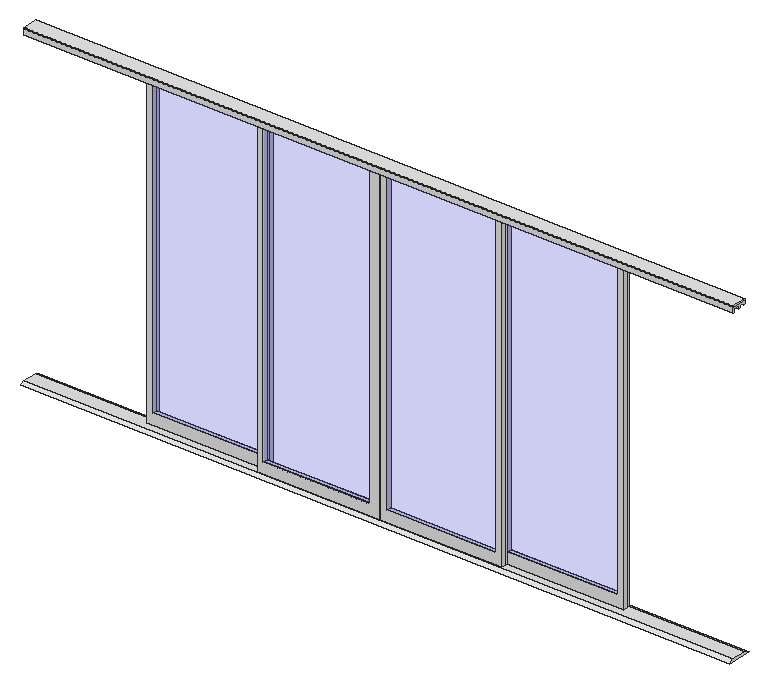
Revit family "Door-Sliding-Kawneer-1010_Mall_Front-PXXXXP", category Doors, host Wall, Revit 2015
Parameters (values of type "12'x8' - 1" Glazing")
  Wall Thickness [instance] = 1' - 5"
  URL = "http://www.kawneer.com/kawneer/en/home.asp"
  Type Comments = "1\" Glazing"
  Threshold Material = Aluminum - Kawneer - Clear
  Threshold Height = 0' - 0 19/32"  # constant formula
  Thickness = 0' - 1 1/2"  # constant formula
  Shim Space = 0' - 0 1/4"
  Product data url = "https://bimobject.com/kawneerna/product/20681"
  Product Page URL = "http://www.kawneer.com/kawneer/north_america/en/bim.asp?prod_id=1846"
  Product Documentation Link = "http://www.kawneer.com/kawneer/north_america/en/product_related_doc.asp?prod_id=1846&doc_id=114"
  Pocket Width = Panel Width - 0' 1 3/4"  # 2' - 11 1/8"
  Percent Open [instance] = 0
  Panel Width = if(1 = 1, ((Width) / 4) + (0' 1 3/4" * 0.5), 1' 0")  # 3' - 0 7/8"
  Panel Open Percent [instance] = if(Percent Open < 101, ((Panel Width - 0' 1 3/4") * ((100 - Percent Open) / 100)), 0' 0")  # 2' - 11 1/8"
  Panel Glazing Material [instance] = Glass - Kawneer - Clear
  Panel Finish [instance] = Aluminum - Kawneer - Clear
  Model = "1010 Sliding Mall Front"
  Manufacturer = "Kawneer"  # constant formula
  Intermediate Rail Height = 2' - 6"
  Height = 8' - 0"
  Has Intermediate Rail [instance] = no
  Glazing Thickness = 0' - 1"
  Function = Interior
  Frame Jamb Width = 0' - 1 3/4"  # constant formula
  Frame Inset [instance] = 0' - 0"
  Frame Head Width = 0' - 1 3/8"  # constant formula
  Frame Finish [instance] = Aluminum - Kawneer - Clear
  Wall Closure = By host
  Width = 12' - 0"
  Frame Depth = 0' - 4 17/32"  # constant formula
  Existing [instance] = no
  Description = "Sliding PXXXXP"
  Copyright © = "2013 Kawneer"  # constant formula
  CTRL Wall Thickness [instance] = if(1 = 1, Wall Thickness, 1' 0")  # 1' - 5"
  CTRL Panel Height = Height - 0' 0 3/4" - Threshold Height  # 7' - 10 21/32"
  CTRL Offset [instance] = if(Frame Inset < 0' 0", Frame Inset - Frame Inset - Frame Inset, 0' 0")  # 0' - 0"
  CTRL Inset [instance] = if(Frame Inset < 0' 0", 0' 0", Frame Inset)  # 0' - 0"
  CTRL Frame Sides Depth [instance] = 0' - 0 21/32"  # constant formula
  Assembly Code = "C1020110"
  Appear In Schedule = 0 = 0  # yes
Types (3): name | Type Comments | Glazing Thickness
  (no name) | "1/4\" Glazing" | 0' - 0 1/4"
  12'x8' - 1/4" Glazing | "1/4\" Glazing" | 0' - 0 1/4"
  12'x8' - 1" Glazing | "1\" Glazing" | 0' - 1"
Reference planes (in)
  plane 1 "Center (Front/Back)": y = 0
  plane 2 "Bottom": z = 0
  plane 3 "Center (Left/Right)": x = 0
  plane 4 "Top": z = 96
  plane 5 "Strike": x = -72
  plane 6 "Hinge": x = 72
  plane 7 "Wall Edge Exterior": y = 8.5
  plane 8 "Wall Edge Interior": y = -8.5
  plane 9 "Frame Inset": y = -2.26562
  plane 10 "Frame Offset": y = 0
  plane 11 "Operating Panel 1 L": x = -36.875
  plane 12 "Interlock Panel 2 L/R": x = 36.875
  plane 13 "Panel Right": x = 72
  plane 14 "Pocket Right": x = 107.125
  plane 15 "Pocket Left": x = -107.125
  plane 16 "Frame Right": x = 70.25
  plane 17 "Frame Left": x = -70.25
  plane 18 "Frame Head": z = 94.625
  plane 19 "Frame Exterior": y = 2.26563
  plane 20 "Exterior Frame Depth": y = 1.85938
  plane 21 "Panel Active 2": y = -1.04687
  plane 22 "Lock Jamb Panel Center": y = 1.04688
  plane 23 "Threshold Height": z = 0.59375
  plane 24 "Threshold Exterior": y = 3.51563
  plane 25 "Threshold Interior": y = -3.51562
  plane 26 "Frame Center F/B": y = 0
  plane 27 "Panel Left": x = -72
  plane 28 "Pocket Exterior": y = 2.51563
  plane 29 "Pocket Interior": y = -3.64062
  plane 30 "Opening Top": z = 96.25
Forms (in)
  Sweep 1, solid, material "Aluminum - Kawneer - Clear" <- "Frame Finish"
    path origin (0, 0, 0) x (1, 0, 0) y (0, 0, 1)
      loop
        line (0, 0.59375) -> (0, 96)
    profile origin (0, 0, 48.29687) x (-1, 0, 0) y (0, -1, 0)
      loop
        line (72, -2.51563) -> (72, -2.35938) -> (71, -2.35938) -> (71, -1.85938) -> (70.25, -1.85938) -> (70.25, -2.51563) -> (72, -2.51563)
      loop
        line (-72, -2.26563) -> (-70.25, -2.26563) -> (-70.25, -1.85938) -> (-71, -1.85938) -> (-71, -2.10938) -> (-72, -2.10938) -> (-72, -2.26563)
  Sweep 2, solid, material "Aluminum - Kawneer - Clear" <- "Threshold Material"
    path origin (0, 0, 0) x (1, 0, 0) y (0, 0, 1)
      loop
        line (-107.125, 0.59375) -> (107.125, 0.59375)
    profile origin (0, 0, 0.59375) x (0, 0, 1) y (0, -1, 0)
      loop
        line (-0.59375, 3.51562) -> (-0.59375, -3.51563) -> (0, -2.26563) -> (0, 2.26562) -> (-0.59375, 3.51562)
  Sweep 3, solid, material "Aluminum - Kawneer - Clear" <- "Frame Finish"
    path origin (0, 0, 0) x (1, 0, 0) y (0, 0, 1)
      loop
        line (-107.125, 94.625) -> (107.125, 94.625)
    profile origin (0, 0, 94.625) x (0, 0, 1) y (0, -1, 0)
      loop
        line (-0.34375, 2.26562) -> (-0.34375, 1.89062) -> (0.625, 1.89062) -> (0.625, 0.23437) -> (0, 0.23437) -> (0, -0.17188) -> (0.625, -0.17188) -> (0.625, -1.85938) -> (0, -1.85938) -> (0, -2.26563) -> (1.375, -2.26563) -> (1.375, 2.26562) -> (-0.34375, 2.26562)
  Sweep 4, void
    path origin (0, 0, 96) x (0, -1, 0) y (1, 0, 0)
      loop
        line (10.51562, 0) -> (-9.98438, 0)
    profile origin (0, -0.26562, 96) x (-1, 0, 0) y (0, 0, 1)
      loop
        line (70.25, 0.25) -> (-70.25, 0.25) -> (-70.25, -96) -> (70.25, -96) -> (70.25, 0.25)
  Sweep 5, void
    path origin (0, 0, 0) x (1, 0, 0) y (0, 0, 1)
      loop
        line (0, 0) -> (0, 96.25)
    profile origin (0, 0, 48.125) x (-1, 0, 0) y (0, -1, 0)
      loop
        line (107.125, -2.51563) -> (107.125, 2.26562) -> (70.25, 2.26562) -> (70.25, -2.51563) -> (107.125, -2.51563)
      loop
        line (-107.125, -2.51563) -> (-70.25, -2.51563) -> (-70.25, 2.26562) -> (-107.125, 2.26562) -> (-107.125, -2.51563)
  Sweep 6, solid, material "Silicone - Kawneer - Gray"
    path origin (0, 0, 0) x (-1, 0, 0) y (0, 0, 1)
      loop
        line (107.125, 96) -> (-107.125, 96)
    profile "Shim-Kawneer-Profile-2D : Top" origin (0, 0, 96) x (0, 0, -1) y (0, 1, 0)
      loop
        line (-0.25, -2.25) -> (0, -2.125) -> (0, 2.125) -> (-0.25, 2.25) -> (-0.25, -2.25)
Cuts and joins
  joined: Sweep 1, Sweep 3
Lines and regions (in)
  Masking region 1, detail levels medium+fine
    outline origin (0, 0, 0.59375) x (-1, 0, 0) y (0, -1, 0)
      loop
        line (72, -2.35938) -> (71, -2.35938) -> (71, -1.85938) -> (70.25, -1.85938) -> (70.25, -2.51563) -> (72, -2.51563) -> (72, -2.35938)
      loop
        line (-72, -2.35938) -> (-72, -2.51563) -> (-70.25, -2.51563) -> (-70.25, -1.85938) -> (-71, -1.85938) -> (-71, -2.35938) -> (-72, -2.35938)
  Masking region 2, detail levels coarse
    outline origin (-0.8125, -0.08398, 0.59375) x (-1, 0, 0) y (0, -1, 0)
      loop
        line (69.4375, -2.5996) -> (71.1875, -2.5996) -> (71.1875, -1.94335) -> (69.4375, -1.94335) -> (69.4375, -2.5996)
      loop
        line (-71.0625, -2.5996) -> (-71.0625, -1.94335) -> (-72.8125, -1.94335) -> (-72.8125, -2.5996) -> (-71.0625, -2.5996)
  symbolic lines, style "DoorsHiddenLines"
    curve 1: line (70.25, 2.51563, 0.59375) -> (107.125, 2.51563, 0.59375)
    curve 2: line (107.125, -2.26563, 0.59375) -> (70.25, -2.26563, 0.59375)
    curve 3: line (107.125, 2.51563, 0.59375) -> (107.125, -2.26563, 0.59375)
    curve 4: line (-107.125, 2.51563, 0.59375) -> (-70.25, 2.51563, 0.59375)
    curve 5: line (-107.125, -2.26563, 0.59375) -> (-107.125, 2.51563, 0.59375)
    curve 6: line (-70.25, -2.26563, 0.59375) -> (-107.125, -2.26563, 0.59375)
Text (in)
  text "EXTERIOR" at (-58.6888, 50.90694, 0), in view "Ref. Level"
  text "INTERIOR" at (-58.6888, -37.76638, 0), in view "Ref. Level"
  text "Exterior" at (0, 43.65631, 123.19604), in view "Left"
  text "Exterior" at (0, 18.29385, 125.04747), in view "Right"
Dimensions and locks (in)
  "Width": plane 5 "Strike" to plane 6 "Hinge"
  locked: plane 7 "Wall Edge Exterior" to host wall at 0
  "Wall Thickness": host wall to host wall
  "CTRL Wall Thickness": plane 7 "Wall Edge Exterior" to plane 8 "Wall Edge Interior"
  equal spacing: host wall, plane 1 "Center (Front/Back)", host wall
  equal spacing: plane 5 "Strike", plane 3 "Center (Left/Right)", plane 6 "Hinge"
  "Height": plane 4 "Top" to plane 2 "Bottom"
  "CTRL Offset": plane 10 "Frame Offset" to plane 1 "Center (Front/Back)"
  "Pocket Width": plane 6 "Hinge" to plane 14 "Pocket Right"
  "Pocket Width": plane 15 "Pocket Left" to plane 5 "Strike"
  "Frame Jamb Width": plane 5 "Strike" to plane 17 "Frame Left"
  "Frame Jamb Width": plane 16 "Frame Right" to plane 6 "Hinge"
  "Frame Head Width": plane 4 "Top" to plane 18 "Frame Head"
  "Frame Depth": plane 19 "Frame Exterior" to plane 9 "Frame Inset"
  "CTRL Frame Sides Depth": plane 28 "Pocket Exterior" to plane 20 "Exterior Frame Depth"
  "Threshold Height": plane 23 "Threshold Height" to plane 2 "Bottom"
  locked: plane 9 "Frame Inset" to plane 25 "Threshold Interior" at 1.25
  locked: plane 24 "Threshold Exterior" to plane 19 "Frame Exterior" at 1.25
  locked: Sweep 3 sketch curve to plane 4 "Top" at 1.71875
  "Panel Open Percent": plane 13 "Panel Right" to plane 14 "Pocket Right"
  "CTRL Inset": plane 10 "Frame Offset" to plane 26 "Frame Center F/B"
  "Panel Open Percent": plane 12 "Interlock Panel 2 L/R" to plane 13 "Panel Right"
  equal spacing: plane 19 "Frame Exterior", plane 26 "Frame Center F/B", plane 9 "Frame Inset"
  "Panel Open Percent": plane 15 "Pocket Left" to plane 27 "Panel Left"
  "Panel Open Percent": plane 27 "Panel Left" to plane 11 "Operating Panel 1 L"
  locked: Sweep 3 sketch curve to Sweep 3 sketch curve at 0.40625
  locked: Sweep 3 sketch curve to plane 4 "Top" at 0.75
  locked: Sweep 3 sketch curve to plane 19 "Frame Exterior" at 0.40625
  locked: Sweep 3 sketch curve to Sweep 3 sketch curve at 1.6875
  locked: plane 25 "Threshold Interior" to plane 29 "Pocket Interior" at 0.125
  locked: plane 28 "Pocket Exterior" to plane 19 "Frame Exterior" at 0.25
  locked: plane 28 "Pocket Exterior" to Sweep 1 sketch curve at 0.15625
  locked: Sweep 1 sketch curve to plane 17 "Frame Left" at 0.75
  locked: plane 19 "Frame Exterior" to Sweep 1 sketch curve at 0.15625
  locked: plane 16 "Frame Right" to Sweep 1 sketch curve at 0.75
  locked: Masking region 1 sketch curve to plane 17 "Frame Left" at 0.75
  locked: plane 16 "Frame Right" to Masking region 1 sketch curve at 0.75
  locked: plane 28 "Pocket Exterior" to Masking region 1 sketch curve at 0.15625  (x2)
  locked: plane 21 "Panel Active 2" to plane 9 "Frame Inset" at 1.21875
  locked: plane 19 "Frame Exterior" to plane 22 "Lock Jamb Panel Center" at 1.21875
  locked: plane 8 "Wall Edge Interior" to Sweep 4 sketch curve at 2.01563
  locked: Sweep 4 sketch curve to plane 7 "Wall Edge Exterior" at 1.48438
  "Shim Space": plane 30 "Opening Top" to plane 4 "Top"
  aligned and locked: level to plane 2 "Bottom"
  aligned and locked: plane 3 "Center (Left/Right)" to Sweep 1 sketch curve
  aligned and locked: plane 23 "Threshold Height" to Sweep 1 sketch curve
  aligned and locked: Sweep 2 sketch curve to plane 23 "Threshold Height"  (x2)
  aligned and locked: plane 2 "Bottom" to Sweep 2 sketch curve
  aligned and locked: plane 24 "Threshold Exterior" to Sweep 2 sketch curve
  aligned and locked: plane 19 "Frame Exterior" to Sweep 2 sketch curve
  aligned and locked: plane 25 "Threshold Interior" to Sweep 2 sketch curve
  aligned and locked: plane 9 "Frame Inset" to Sweep 2 sketch curve
  aligned and locked: Sweep 3 sketch curve to plane 18 "Frame Head"
  aligned and locked: plane 4 "Top" to Sweep 3 sketch curve
  aligned and locked: plane 9 "Frame Inset" to Sweep 3 sketch curve
  aligned and locked: Sweep 3 sketch curve to plane 19 "Frame Exterior"
  aligned and locked: plane 18 "Frame Head" to Sweep 3 sketch curve  (x2)
  aligned and locked: plane 4 "Top" to Sweep 1 sketch curve
  aligned and locked: nested 2 to plane 12 "Interlock Panel 2 L/R"
  aligned and locked: Masking region 2 sketch curve to plane 17 "Frame Left"
  aligned and locked: plane 5 "Strike" to Masking region 2 sketch curve
  aligned and locked: Masking region 2 sketch curve to plane 6 "Hinge"
  aligned and locked: plane 16 "Frame Right" to Masking region 2 sketch curve
  aligned and locked: nested 1 to plane 22 "Lock Jamb Panel Center"
  aligned and locked: nested 4 to plane 22 "Lock Jamb Panel Center"
  aligned and locked: plane 11 "Operating Panel 1 L" to nested 3
  aligned and locked: nested 2 to plane 21 "Panel Active 2"
  aligned and locked: nested 3 to plane 21 "Panel Active 2"
  aligned and locked: Sweep 3 sketch curve to Sweep 3 sketch curve
  aligned and locked: nested 4 to plane 27 "Panel Left"
  aligned and locked: nested 1 to plane 13 "Panel Right"
  aligned and locked: plane 17 "Frame Left" to Sweep 1 sketch curve
  aligned and locked: Sweep 1 sketch curve to plane 5 "Strike"
  aligned and locked: plane 20 "Exterior Frame Depth" to Sweep 1 sketch curve
  aligned and locked: Sweep 1 sketch curve to plane 16 "Frame Right"
  aligned and locked: Sweep 1 sketch curve to plane 20 "Exterior Frame Depth"
  aligned and locked: plane 19 "Frame Exterior" to Sweep 1 sketch curve
  aligned and locked: plane 6 "Hinge" to Sweep 1 sketch curve
  aligned and locked: plane 20 "Exterior Frame Depth" to Masking region 1 sketch curve
  aligned and locked: plane 17 "Frame Left" to Masking region 1 sketch curve
  aligned and locked: Masking region 1 sketch curve to plane 5 "Strike"
  aligned and locked: plane 6 "Hinge" to Masking region 1 sketch curve
  aligned and locked: Masking region 1 sketch curve to plane 16 "Frame Right"
  aligned and locked: Masking region 1 sketch curve to plane 20 "Exterior Frame Depth"
  aligned and locked: plane 20 "Exterior Frame Depth" to Masking region 2 sketch curve
  aligned and locked: Masking region 2 sketch curve to plane 20 "Exterior Frame Depth"
  aligned and locked: Masking region 1 sketch curve to plane 28 "Pocket Exterior"
  aligned and locked: plane 28 "Pocket Exterior" to Masking region 1 sketch curve
  aligned and locked: Masking region 2 sketch curve to plane 28 "Pocket Exterior"
  aligned and locked: plane 28 "Pocket Exterior" to Masking region 2 sketch curve
  aligned and locked: Sweep 1 sketch curve to plane 28 "Pocket Exterior"
  aligned and locked: plane 2 "Bottom" to Sweep 4 sketch curve
  aligned and locked: plane 3 "Center (Left/Right)" to Sweep 5 sketch curve
  aligned and locked: plane 2 "Bottom" to Sweep 5 sketch curve
  aligned and locked: plane 17 "Frame Left" to Sweep 5 sketch curve
  aligned and locked: Sweep 5 sketch curve to plane 15 "Pocket Left"
  aligned and locked: plane 9 "Frame Inset" to Sweep 5 sketch curve
  aligned and locked: Sweep 5 sketch curve to plane 16 "Frame Right"
  aligned and locked: plane 14 "Pocket Right" to Sweep 5 sketch curve
  aligned and locked: plane 28 "Pocket Exterior" to Sweep 5 sketch curve
  aligned and locked: Sweep 5 sketch curve to plane 9 "Frame Inset"
  aligned and locked: Sweep 5 sketch curve to plane 28 "Pocket Exterior"
  aligned and locked: plane 15 "Pocket Left" to Sweep 2 sketch curve
  aligned and locked: plane 14 "Pocket Right" to Sweep 2 sketch curve
  aligned and locked: plane 14 "Pocket Right" to Sweep 3 sketch curve
  aligned and locked: plane 15 "Pocket Left" to Sweep 3 sketch curve
  aligned and locked: curve 1 to plane 28 "Pocket Exterior"
  aligned and locked: plane 9 "Frame Inset" to curve 2
  aligned and locked: curve 3 to plane 14 "Pocket Right"
  aligned and locked: plane 9 "Frame Inset" to curve 6
  aligned and locked: curve 4 to plane 28 "Pocket Exterior"
  aligned and locked: curve 5 to plane 15 "Pocket Left"
  aligned and locked: plane 15 "Pocket Left" to Sweep 6 sketch curve
  aligned and locked: plane 14 "Pocket Right" to Sweep 6 sketch curve
  aligned and locked: Sweep 6 sketch curve to plane 4 "Top"
  aligned and locked: plane 30 "Opening Top" to Sweep 5 sketch curve
  aligned and locked: Sweep 4 sketch curve to plane 30 "Opening Top"
Automatic sketch dimensions
  Sweep 3 sketch curve to Sweep 3 sketch curve = 0' - 0 3/8"
  profile plane to Sweep 4 sketch curve = 5' - 10 1/4"
  Sweep 4 sketch curve to profile plane = 5' - 10 1/4"
  Sweep 4 sketch curve to plane 3 "Center (Left/Right)" = 0' - 0"
  curve 2 to plane 16 "Frame Right" = 0' - 0"
  curve 1 to plane 16 "Frame Right" = 0' - 0"
  curve 4 to plane 17 "Frame Left" = 0' - 0"
  curve 6 to plane 17 "Frame Left" = 0' - 0"
Nested families (in)
  nested 1: "Panel-Sliding-Kawneer-1010" at (53.5625, 1.04688, 0.59375), built-in parameter 1001364 <- "Threshold Height", Height <- "CTRL Panel Height", Width <- "Panel Width", Has Intermediate Rail <- "Has Intermediate Rail", Panel Material <- "Panel Finish", Glazing Material <- "Panel Glazing Material", Thickness <- "Thickness", Rail Intermediate Height <- "Intermediate Rail Height", Glazing Thickness <- "Glazing Thickness", type "L-F Interlock - R-B Interlock"
    with Width 3' - 0 7/8", Thickness 0' - 1 1/2", Rail Intermediate Height 2' - 6", Panel Material Aluminum - Kawneer - Clear, Opens Right yes, Opens Left no, Height 7' - 10 21/32", Has Intermediate Rail no, Glazing Thickness 0' - 1", Glazing Material Glass - Kawneer - Clear, CTRL Rail Intermediate Height 2' - 6", CTRL Rail Intermediate 0' - 0", CTRL Open Arrow yes, Rail Head 0' - 1 1/8", Rail Bottom 0' - 3 1/4", Has Interlock Front Left yes, Has Interlock Back Right yes
  nested 2: "Panel-Sliding-Kawneer-1010" at (18.4375, -1.04687, 0.59375), built-in parameter 1001364 <- "Threshold Height", Height <- "CTRL Panel Height", Width <- "Panel Width", Has Intermediate Rail <- "Has Intermediate Rail", Panel Material <- "Panel Finish", Glazing Material <- "Panel Glazing Material", Thickness <- "Thickness", Rail Intermediate Height <- "Intermediate Rail Height", Glazing Thickness <- "Glazing Thickness", type "2" Stile - R-B Interlock"
    with Width 3' - 0 7/8", Thickness 0' - 1 1/2", Rail Intermediate Height 2' - 6", Panel Material Aluminum - Kawneer - Clear, Opens Right yes, Opens Left no, Height 7' - 10 21/32", Has Intermediate Rail no, Glazing Thickness 0' - 1", Glazing Material Glass - Kawneer - Clear, CTRL Rail Intermediate Height 2' - 6", CTRL Rail Intermediate 0' - 0", CTRL Open Arrow yes, Stile Left 0' - 2 1/16", Rail Head 0' - 1 1/8", Rail Bottom 0' - 3 1/4", Has Interlock Back Right yes
  nested 3: "Panel-Sliding-Kawneer-1010" at (-18.4375, -1.04687, 0.59375), built-in parameter 1001364 <- "Threshold Height", Height <- "CTRL Panel Height", Width <- "Panel Width", Has Intermediate Rail <- "Has Intermediate Rail", Panel Material <- "Panel Finish", Glazing Material <- "Panel Glazing Material", Thickness <- "Thickness", Rail Intermediate Height <- "Intermediate Rail Height", Glazing Thickness <- "Glazing Thickness", type "L-B Interlock - 3" Stile"
    with Width 3' - 0 7/8", Thickness 0' - 1 1/2", Rail Intermediate Height 2' - 6", Panel Material Aluminum - Kawneer - Clear, Opens Right no, Opens Left yes, Height 7' - 10 21/32", Has Intermediate Rail no, Glazing Thickness 0' - 1", Glazing Material Glass - Kawneer - Clear, CTRL Rail Intermediate Height 2' - 6", CTRL Rail Intermediate 0' - 0", CTRL Open Arrow yes, Stile Right 0' - 3 1/16", Rail Head 0' - 1 1/8", Rail Bottom 0' - 3 1/4", Has Interlock Back Left yes
  nested 4: "Panel-Sliding-Kawneer-1010" at (-53.5625, 1.04688, 0.59375), built-in parameter 1001364 <- "Threshold Height", Height <- "CTRL Panel Height", Width <- "Panel Width", Has Intermediate Rail <- "Has Intermediate Rail", Panel Material <- "Panel Finish", Glazing Material <- "Panel Glazing Material", Thickness <- "Thickness", Rail Intermediate Height <- "Intermediate Rail Height", Glazing Thickness <- "Glazing Thickness", type "L-B Interlock - R-F Interlock"
    with Width 3' - 0 7/8", Thickness 0' - 1 1/2", Rail Intermediate Height 2' - 6", Panel Material Aluminum - Kawneer - Clear, Opens Right no, Opens Left yes, Height 7' - 10 21/32", Has Intermediate Rail no, Glazing Thickness 0' - 1", Glazing Material Glass - Kawneer - Clear, CTRL Rail Intermediate Height 2' - 6", CTRL Rail Intermediate 0' - 0", CTRL Open Arrow yes, Rail Head 0' - 1 1/8", Rail Bottom 0' - 3 1/4", Has Interlock Front Right yes, Has Interlock Back Left yes
Definition of nested family "Panel-Sliding-Kawneer-1010"
  Parameters
    Width [instance] = 3' - 0"
    Thickness [instance] = 0' - 1 1/2"
    Stile Right = 0' - 1 3/4"
    Stile Left = 0' - 1 3/4"
    Rail Intermediate Height [instance] = 2' - 6"
    Rail Intermediate = 0' - 1 3/4"
    Rail Head = 0' - 3"
    Rail Bottom = 0' - 7"
    Panel Material [instance] = none
    Opens Right [instance] = no
    Opens Left [instance] = no
    Manufacturer = "Kawneer"  # constant formula
    Height [instance] = 7' - 0"
    Has Intermediate Rail [instance] = no
    Has Interlock Front Right = no
    Has Interlock Front Left = no
    Has Interlock Back Right = no
    Has Interlock Back Left = no
    Glazing Thickness [instance] = 0' - 0 1/4"
    Glazing Material [instance] = none
    Description = "Storefront Mall Sliding 1010 Panel"  # constant formula
    CTRL Rail Intermediate Height [instance] = if(Height < Rail Intermediate Height, Height / 2, Rail Intermediate Height)  # 2' - 6"
    CTRL Rail Intermediate [instance] = if(Has Intermediate Rail, Rail Intermediate, 0' 0")  # 0' - 0"
    CTRL Open Arrow [instance] = or(Opens Right, Opens Left)  # no
  Reference planes (in)
    plane 1 "Center (Front/Back)": y = 0
    plane 2 "Original Bottom": z = 0
    plane 3 "Center (Left/Right)": x = 0
    plane 4 "Back": y = 0.75
    plane 5 "Front": y = -0.75
    plane 6 "Left": x = -18
    plane 7 "Right": x = 18
    plane 8: z = 84
    plane 9 "Left Stile R": x = -16.25
    plane 10 "Right Stile L": x = 16.25
    plane 11 "Head Rail B": z = 81
    plane 12 "Bottom Rail T": z = 7
    plane 13 "Glazing Back": y = 0.125
    plane 14 "Glazing Front": y = -0.125
    plane 15 "Interlock Front": y = -1.25
    plane 16 "Interlock Back": y = 1.25
    plane 17 "Right Interlock Center": x = 17.125
    plane 18 "Left Interlock Center": x = -17.125
    plane 19 "Intermediate Top": z = 31.75
    plane 20 "Intermediate Glass Top": z = 31.75
    plane 21 "Intermediate Bottom": z = 30
    plane 22 "Center Elevation": z = 42
  Forms (in)
    Sweep 1, solid, material <- "Panel Material"
      path origin (0, 0, 0) x (1, 0, 0) y (0, 1, 0)
        loop
          line (0, -0.75) -> (0, 0.75)
      profile origin (0, 0, 0) x (-1, 0, 0) y (0, 0, 1)
        loop
          line (18, 84) -> (-18, 84) -> (-18, 0) -> (18, 0) -> (18, 84)
        loop
          line (16.25, 81) -> (-16.25, 81) -> (-16.25, 7) -> (16.25, 7) -> (16.25, 81)
    Extrusion 2, solid, material <- "Glazing Material"
      sketch origin (0, 0, 0) x (1, 0, 0) y (0, 0, 1)
        loop
          line (-16.25, 81) -> (-16.25, 31.75) -> (16.25, 31.75) -> (16.25, 81) -> (-16.25, 81)
      from -0.125 to 0.125
    Sweep 3, solid, material <- "Panel Material", visible <- "Has Interlock Back Right", detail levels medium+fine
      path origin (0, 0.75, 0) x (-1, 0, 0) y (0, 0, 1)
        loop
          line (-17.125, 0) -> (-17.125, 84)
      profile origin (17.125, 0.75, 42) x (1, 0, 0) y (0, 1, 0)
        loop
          line (0, 0.5) -> (0, 0) -> (0.875, 0) -> (0.875, 0.5) -> (0, 0.5)
    Sweep 4, solid, material <- "Panel Material", visible <- "Has Interlock Back Left", detail levels medium+fine
      path origin (0, 0.75, 0) x (1, 0, 0) y (0, 0, 1)
        loop
          line (-17.125, 0) -> (-17.125, 84)
      profile origin (-17.125, 0.75, 42) x (1, 0, 0) y (0, 1, 0)
        loop
          line (0, 0.5) -> (-0.875, 0.5) -> (-0.875, 0) -> (0, 0) -> (0, 0.5)
    Sweep 5, solid, material <- "Panel Material", visible <- "Has Interlock Front Left", detail levels medium+fine
      path origin (0, -0.75, 0) x (-1, 0, 0) y (0, 0, 1)
        loop
          line (17.125, 0) -> (17.125, 84)
      profile origin (-17.125, -0.75, 42) x (1, 0, 0) y (0, 1, 0)
        loop
          line (-0.875, 0) -> (-0.875, -0.5) -> (0, -0.5) -> (0, 0) -> (-0.875, 0)
    Sweep 6, solid, material <- "Panel Material", visible <- "Has Interlock Front Right", detail levels medium+fine
      path origin (0, -0.75, 0) x (1, 0, 0) y (0, 0, 1)
        loop
          line (17.125, 0) -> (17.125, 84)
      profile origin (17.125, -0.75, 42) x (1, 0, 0) y (0, 1, 0)
        loop
          line (0.875, 0) -> (0, 0) -> (0, -0.5) -> (0.875, -0.5) -> (0.875, 0)
    Extrusion 7, solid, material <- "Glazing Material"
      sketch origin (-1, 0, -39) x (1, 0, 0) y (0, 0, 1)
        loop
          line (-15.25, 70.75) -> (-15.25, 46) -> (17.25, 46) -> (17.25, 70.75) -> (-15.25, 70.75)
      from -0.125 to 0.125
    Sweep 8, solid, material <- "Panel Material", visible <- "Has Intermediate Rail"
      path origin (0, 0, 0) x (1, 0, 0) y (0, 0, 1)
        loop
          line (-16.25, 31.75) -> (16.25, 31.75)
      profile origin (0, 0, 31.75) x (0, 0, 1) y (0, -1, 0)
        loop
          line (0, 0.75) -> (-1.75, 0.75) -> (-1.75, -0.75) -> (0, -0.75) -> (0, 0.75)
  Cuts and joins
    joined: Extrusion 2, Extrusion 7
  Lines and regions (in)
    Masking region 1
      outline origin (0, 0, 7) x (-1, 0, 0) y (0, -1, 0)
        loop
          line (18, -0.75) -> (18, 0.75) -> (16.25, 0.75) -> (16.25, -0.75) -> (18, -0.75)
        loop
          line (-16.25, -0.75) -> (-16.25, 0.75) -> (-18, 0.75) -> (-18, -0.75) -> (-16.25, -0.75)
    Masking region 2
      outline origin (0, 0, 7) x (-1, 0, 0) y (0, -1, 0)
        loop
          line (16.25, -0.75) -> (16.25, 0.75) -> (-16.25, 0.75) -> (-16.25, -0.75) -> (16.25, -0.75)
    Masking region 3, detail levels fine
      outline origin (0, 0, 7) x (-1, 0, 0) y (0, -1, 0)
        loop
          line (16.25, -0.125) -> (16.25, 0.125) -> (-16.25, 0.125) -> (-16.25, -0.125) -> (16.25, -0.125)
    Masking region 4, visible <- "Has Interlock Back Left", detail levels medium+fine
      outline origin (0, 0, 7) x (-1, 0, 0) y (0, -1, 0)
        loop
          line (18, -1.25) -> (18, -0.75) -> (17.125, -0.75) -> (17.125, -1.25) -> (18, -1.25)
    Masking region 5, visible <- "Has Interlock Back Right", detail levels medium+fine
      outline origin (0, 0, 7) x (0, -1, 0) y (1, 0, 0)
        loop
          line (-1.25, 18) -> (-1.25, 17.125) -> (-0.75, 17.125) -> (-0.75, 18) -> (-1.25, 18)
    Masking region 6, visible <- "Has Interlock Front Right", detail levels medium+fine
      outline origin (0, 0, 7) x (1, 0, 0) y (0, 1, 0)
        loop
          line (18, -1.25) -> (18, -0.75) -> (17.125, -0.75) -> (17.125, -1.25) -> (18, -1.25)
    Masking region 7, visible <- "Has Interlock Front Left", detail levels medium+fine
      outline origin (0, 0, 7) x (0, 1, 0) y (-1, 0, 0)
        loop
          line (-1.25, 18) -> (-1.25, 17.125) -> (-0.75, 17.125) -> (-0.75, 18) -> (-1.25, 18)
    symbolic lines, detail levels coarse+medium
      curve 1: line (-16.25, 0, 7) -> (16.25, 0, 7)
    model lines, visible <- "CTRL Open Arrow", detail levels medium+fine
      curve 2: line (-4, -0.125, 42) -> (4, -0.125, 42)
      curve 7: line (-4, 0.125, 42) -> (4, 0.125, 42)
    model lines, visible <- "Opens Right", detail levels medium+fine
      curve 3: line (2.58579, -0.125, 43.41421) -> (4, -0.125, 42)
      curve 4: line (2.58579, -0.125, 40.58579) -> (4, -0.125, 42)
      curve 8: line (2.58579, 0.125, 43.41421) -> (4, 0.125, 42)
      curve 9: line (2.58579, 0.125, 40.58579) -> (4, 0.125, 42)
    model lines, visible <- "Opens Left", detail levels medium+fine
      curve 5: line (-2.58579, -0.125, 43.41421) -> (-4, -0.125, 42)
      curve 6: line (-2.58579, -0.125, 40.58579) -> (-4, -0.125, 42)
      curve 10: line (-2.58579, 0.125, 43.41421) -> (-4, 0.125, 42)
      curve 11: line (-2.58579, 0.125, 40.58579) -> (-4, 0.125, 42)
  Dimensions and locks (in)
    "Thickness": plane 4 "Back" to plane 5 "Front"
    equal spacing: plane 4 "Back", plane 1 "Center (Front/Back)", plane 5 "Front"
    "Height": plane 8 to plane 2 "Original Bottom"
    equal spacing: plane 6 "Left", plane 3 "Center (Left/Right)", plane 7 "Right"
    "Width": plane 6 "Left" to plane 7 "Right"
    "Stile Left": plane 6 "Left" to plane 9 "Left Stile R"
    "Stile Right": plane 10 "Right Stile L" to plane 7 "Right"
    "Rail Bottom": plane 12 "Bottom Rail T" to plane 2 "Original Bottom"
    "Rail Head": plane 8 to plane 11 "Head Rail B"
    equal spacing: plane 13 "Glazing Back", plane 1 "Center (Front/Back)", plane 14 "Glazing Front"
    "Glazing Thickness": plane 13 "Glazing Back" to plane 14 "Glazing Front"
    locked: plane 5 "Front" to plane 15 "Interlock Front" at 0.5
    locked: plane 16 "Interlock Back" to plane 4 "Back" at 0.5
    equal spacing: plane 7 "Right", plane 17 "Right Interlock Center", plane 10 "Right Stile L"
    equal spacing: plane 6 "Left", plane 18 "Left Interlock Center", plane 9 "Left Stile R"
    "CTRL Rail Intermediate": plane 19 "Intermediate Top" to plane 20 "Intermediate Glass Top"
    "Rail Intermediate": plane 19 "Intermediate Top" to plane 21 "Intermediate Bottom"
    "CTRL Rail Intermediate Height": plane 21 "Intermediate Bottom" to plane 2 "Original Bottom"
    equal spacing: plane 8, plane 22 "Center Elevation", plane 2 "Original Bottom"
    equal spacing: curve 2, plane 3 "Center (Left/Right)", curve 2, locked at 4 each
    curve 3 to curve 3 = 0' - 1.41421"
    equal spacing: curve 3, plane 22 "Center Elevation", curve 4, locked at 1.41421 each
    curve 5 to plane 22 "Center Elevation" to curve 6 = 0' - 1.41421" locked, 0' - 1.41421" locked
    curve 7 to curve 7 = 0' - 8"
    equal spacing: curve 7, plane 3 "Center (Left/Right)", curve 7, locked at 4 each
    equal spacing: curve 8, plane 22 "Center Elevation", curve 9, locked at 1.41421 each
    equal spacing: curve 10, plane 22 "Center Elevation", curve 11, locked at 1.41421 each
    aligned and locked: plane 2 "Original Bottom" to level
    aligned and locked: plane 4 "Back" to Sweep 1 sketch curve
    aligned and locked: plane 5 "Front" to Sweep 1 sketch curve
    aligned and locked: plane 3 "Center (Left/Right)" to Sweep 1 sketch curve
    aligned and locked: plane 2 "Original Bottom" to Sweep 1 sketch curve
    aligned and locked: Sweep 1 sketch curve to plane 7 "Right"
    aligned and locked: Sweep 1 sketch curve to plane 8
    aligned and locked: Sweep 1 sketch curve to plane 6 "Left"
    aligned and locked: Sweep 1 sketch curve to plane 11 "Head Rail B"
    aligned and locked: Sweep 1 sketch curve to plane 9 "Left Stile R"
    aligned and locked: plane 12 "Bottom Rail T" to Sweep 1 sketch curve
    aligned and locked: plane 10 "Right Stile L" to Sweep 1 sketch curve
    aligned and locked: plane 10 "Right Stile L" to Extrusion 2 sketch curve
    aligned and locked: Extrusion 2 sketch curve to plane 9 "Left Stile R"
    aligned and locked: Extrusion 2 sketch curve to plane 11 "Head Rail B"
    aligned and locked: plane 13 "Glazing Back" to Extrusion 2
    aligned and locked: Extrusion 2 to plane 14 "Glazing Front"
    aligned and locked: plane 8 to Sweep 3 sketch curve
    aligned and locked: plane 2 "Original Bottom" to Sweep 3 sketch curve
    aligned and locked: plane 17 "Right Interlock Center" to Sweep 3 sketch curve  (x2)
    aligned and locked: Sweep 3 sketch curve to plane 7 "Right"
    aligned and locked: profile plane to Sweep 3 sketch curve
    aligned and locked: Sweep 3 sketch curve to plane 16 "Interlock Back"
    aligned and locked: plane 8 to Sweep 4 sketch curve
    aligned and locked: Sweep 4 sketch curve to plane 18 "Left Interlock Center"  (x2)
    aligned and locked: plane 2 "Original Bottom" to Sweep 4 sketch curve
    aligned and locked: plane 16 "Interlock Back" to Sweep 4 sketch curve
    aligned and locked: plane 6 "Left" to Sweep 4 sketch curve
    aligned and locked: Sweep 4 sketch curve to plane 4 "Back"
    aligned and locked: Sweep 5 sketch curve to plane 6 "Left"
    aligned and locked: plane 15 "Interlock Front" to Sweep 5 sketch curve
    aligned and locked: Sweep 5 sketch curve to plane 5 "Front"
    aligned and locked: plane 18 "Left Interlock Center" to Sweep 5 sketch curve
    aligned and locked: Sweep 5 sketch curve to plane 18 "Left Interlock Center"
    aligned and locked: plane 8 to Sweep 5 sketch curve
    aligned and locked: plane 2 "Original Bottom" to Sweep 5 sketch curve
    aligned and locked: plane 7 "Right" to Sweep 6 sketch curve
    aligned and locked: Sweep 6 sketch curve to plane 15 "Interlock Front"
    aligned and locked: plane 5 "Front" to Sweep 6 sketch curve
    aligned and locked: Sweep 6 sketch curve to plane 17 "Right Interlock Center"
    aligned and locked: plane 2 "Original Bottom" to Sweep 6 sketch curve
    aligned and locked: plane 8 to Sweep 6 sketch curve
    aligned and locked: plane 17 "Right Interlock Center" to Sweep 6 sketch curve
    aligned and locked: plane 19 "Intermediate Top" to Extrusion 2 sketch curve
    aligned and locked: Extrusion 7 sketch curve to plane 20 "Intermediate Glass Top"
    aligned and locked: plane 12 "Bottom Rail T" to Extrusion 7 sketch curve
    aligned and locked: plane 10 "Right Stile L" to Extrusion 7 sketch curve
    aligned and locked: Extrusion 7 sketch curve to plane 9 "Left Stile R"
    aligned and locked: plane 9 "Left Stile R" to Sweep 8 sketch curve
    aligned and locked: plane 10 "Right Stile L" to Sweep 8 sketch curve
    aligned and locked: Sweep 8 sketch curve to plane 19 "Intermediate Top"  (x2)
    aligned and locked: plane 21 "Intermediate Bottom" to Sweep 8 sketch curve
    aligned and locked: Sweep 8 sketch curve to plane 4 "Back"
    aligned and locked: plane 5 "Front" to Sweep 8 sketch curve
    aligned and locked: Masking region 1 sketch curve to plane 7 "Right"
    aligned and locked: Masking region 1 sketch curve to plane 10 "Right Stile L"
    aligned and locked: Masking region 1 sketch curve to plane 4 "Back"  (x2)
    aligned and locked: plane 5 "Front" to Masking region 1 sketch curve  (x2)
    aligned and locked: plane 9 "Left Stile R" to Masking region 1 sketch curve
    aligned and locked: Masking region 1 sketch curve to plane 6 "Left"
    aligned and locked: Masking region 2 sketch curve to plane 4 "Back"
    aligned and locked: plane 5 "Front" to Masking region 2 sketch curve
    aligned and locked: Masking region 2 sketch curve to plane 9 "Left Stile R"
    aligned and locked: plane 10 "Right Stile L" to Masking region 2 sketch curve
    aligned and locked: Masking region 3 sketch curve to plane 13 "Glazing Back"
    aligned and locked: Masking region 3 sketch curve to plane 9 "Left Stile R"
    aligned and locked: plane 10 "Right Stile L" to Masking region 3 sketch curve
    aligned and locked: plane 14 "Glazing Front" to Masking region 3 sketch curve
    aligned and locked: plane 9 "Left Stile R" to curve 1
    aligned and locked: plane 10 "Right Stile L" to curve 1
    aligned and locked: plane 1 "Center (Front/Back)" to curve 1
    aligned and locked: Masking region 4 sketch curve to plane 6 "Left"
    aligned and locked: plane 4 "Back" to Masking region 4 sketch curve
    aligned and locked: plane 18 "Left Interlock Center" to Masking region 4 sketch curve
    aligned and locked: Masking region 4 sketch curve to plane 16 "Interlock Back"
    aligned and locked: plane 7 "Right" to Masking region 5 sketch curve
    aligned and locked: plane 16 "Interlock Back" to Masking region 5 sketch curve
    aligned and locked: Masking region 5 sketch curve to plane 4 "Back"
    aligned and locked: Masking region 5 sketch curve to plane 17 "Right Interlock Center"
    aligned and locked: plane 15 "Interlock Front" to Masking region 6 sketch curve
    aligned and locked: plane 17 "Right Interlock Center" to Masking region 6 sketch curve
    aligned and locked: Masking region 6 sketch curve to plane 7 "Right"
    aligned and locked: Masking region 6 sketch curve to plane 5 "Front"
    aligned and locked: plane 13 "Glazing Back" to cut or joined group of Extrusion 2, Extrusion 7
    aligned and locked: cut or joined group of Extrusion 2, Extrusion 7 to plane 14 "Glazing Front"
    aligned and locked: plane 6 "Left" to Masking region 7 sketch curve
    aligned and locked: Masking region 7 sketch curve to plane 15 "Interlock Front"
    aligned and locked: Masking region 7 sketch curve to plane 18 "Left Interlock Center"
    aligned and locked: plane 5 "Front" to Masking region 7 sketch curve
    aligned and locked: plane 22 "Center Elevation" to curve 3
    aligned and locked: curve 7 to plane 22 "Center Elevation"
    aligned and locked: plane 22 "Center Elevation" to curve 9
  Automatic sketch dimensions
    plane 3 "Center (Left/Right)" to curve 2 = 0' - 4"
    curve 4 to plane 22 "Center Elevation" = 0' - 1.41421"
    curve 5 to curve 2 = 0' - 1.41421"
    curve 2 to curve 3 = 0' - 1.41421"
    plane 3 "Center (Left/Right)" to curve 7 = 0' - 4"
    plane 22 "Center Elevation" to curve 8 = 0' - 1.41421"
    curve 7 to curve 8 = 0' - 1.41421"
    curve 11 to curve 7 = 0' - 1.41421"
    curve 11 to plane 22 "Center Elevation" = 0' - 1.41421"
